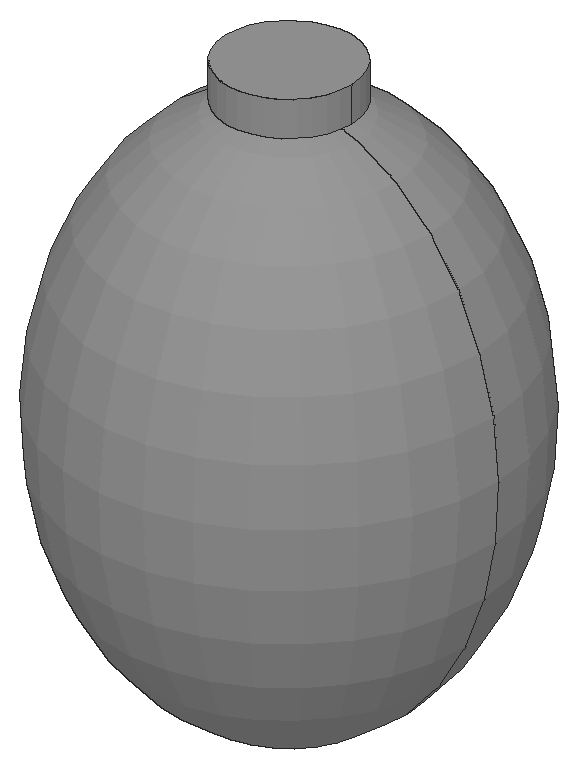
Revit family "OD-6", category Generic Models, Revit 2020
Family settings
  Can host rebar = No
  Round Connector Dimension = Use Diameter
  Part Type = Normal
  Work Plane-Based = No
  Always vertical = Yes
  Cut with Voids When Loaded = No
  Shared = No
  Room Calculation Point = No
Parameters
  Default Elevation = 0 m
  001 = ببیبز
Reference planes (m)
  plane 1 "Center (Front/Back)": y = 0
  plane 2: z = 0
  plane 3 "Center (Left/Right)": x = 0
Forms (m)
  Revolve 1, solid, material "نعنهع"
    sketch origin (0, 0, 0) x (1, 0, 0) y (0, 0, 1)
      loop
        spline (0, 0) -> (0.011134, 0.001866) -> (0.021576, 0.007346) -> (0.030676, 0.016102) -> (0.037869, 0.027587) -> (0.042706, 0.041088) -> (0.044888, 0.055765) -> (0.044278, 0.070705) -> (0.040915, 0.084979) -> (0.035007, 0.097701) -> (0.026922, 0.108077) -> (0.017164, 0.115464) -> (0.006337, 0.119402)
        line (0.006337, 0.119402) -> (0.006337, 0.117807)
        spline (0.006337, 0.117807) -> (0.016601, 0.113947) -> (0.025836, 0.106807) -> (0.033473, 0.096828) -> (0.039038, 0.084628) -> (0.042187, 0.070961) -> (0.042725, 0.056675) -> (0.040618, 0.042652) -> (0.035998, 0.029761) -> (0.029149, 0.0188) -> (0.020497, 0.010447) -> (0.010576, 0.005219) -> (0, 0.003439)
        line (0, 0.003439) -> (0, 0)
      axis (0, 0.119402) -> (0, 0)
    angle from 0 to 360
  Revolve 2, solid, material "نعهنمعم"
    sketch origin (0, 0, 0) x (1, 0, 0) y (0, 0, 1)
      loop
        line (0, 0.117807) -> (0, 0.002807)
        spline (0, 0.002807) -> (0.011052, 0.004766) -> (0.021351, 0.01051) -> (0.030195, 0.019648) -> (0.036981, 0.031557) -> (0.041247, 0.045425) -> (0.042703, 0.060307) -> (0.041247, 0.075189) -> (0.036981, 0.089057) -> (0.030195, 0.100965) -> (0.021351, 0.110103) -> (0.011052, 0.115847) -> (0, 0.117807)
      axis (0, 0.002807) -> (0, 0.117807)
    angle from 0 to 360
  Extrusion 3, solid, material "ونعهع"
    sketch origin (0, 0, 0) x (1, 0, 0) y (0, 1, 0)
      loop
        circle (0, 0) r 0.013522
    from 0.119402 to 0.126879
Dimensions and locks (m)
  aligned and locked: plane 2 to level
